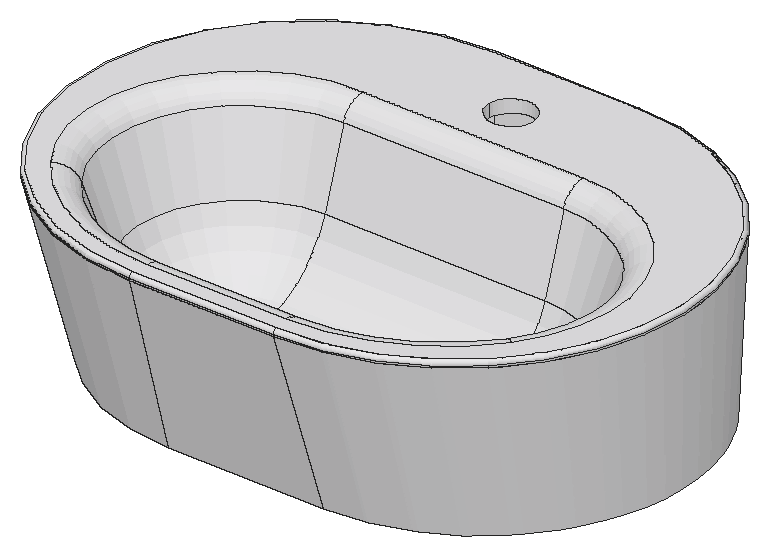
Revit family "Sink-Vessel-Lavatory-KOHLER-Span-K-25318IN_1", category Plumbing Fixtures, host Face, Revit 2021
Family settings
  Host = Face
  Round Connector Dimension = Use Diameter
  Part Type = Normal
  OmniClass Number = 23.31.13.00
  OmniClass Title = Sinks
  Cut with Voids When Loaded = No
  Shared = No
  Room Calculation Point = No
Parameters (values of type "0-White")
  Width = 14 17/128"  # constant formula
  WaterSense Certified = 1 = 0  # no
  Waste Water Outlet = "Waste Water Outlet"  # constant formula
  Waste Connection = 1 = 1  # yes
  Vent Connection = 1 = 0  # no
  URL = "https://www.kohler.co.in/"
  Type = 1
  Product Page URL = "https://www.kohler.co.in/product-detail/25318in?skuid=K-25318IN-0"
  Product Name = "Span"  # constant formula
  Product Documentation Link = ""
  Pressure = 0.00 psi
  Model = "K-25318IN-0"  # constant formula
  Material = "Vitreous China"  # constant formula
  Master Format 2014 Name = "Residential Lavatories and Sinks"  # constant formula
  Master Format 2014 = "22 41 16"  # constant formula
  Manufacturer Address = "Ambience Office Tower NH-8 Gurgaon / Gurugram Haryana , 122001"  # constant formula
  Manufacturer = "Kohler Co."  # constant formula
  Length = 18 71/128"  # constant formula
  Hot Water Inlet = "Hot Water Inlet"  # constant formula
  Height = 6 47/128"  # constant formula
  HW Connection = 1 = 0  # no
  Flow Rate = 0 GPM
  Finish = Kohler-Vitreous_China-0-White
  Environmental Product Declaration = ""
  Drain Included = 1 = 0  # no
  Description = "Round Vessel"  # constant formula
  Default Elevation = 36"
  Declare Label = ""
  Date Modified = "05/12/2023"  # constant formula
  Date Created = "05/12/2023"  # constant formula
  Copyright = "Copyright Kohler Co."  # constant formula
  Contact Us = "https://www.kohler.co.in/contact-us"
  Cold Water Inlet = "Cold Water Inlet"  # constant formula
  CW Connection = 1 = 0  # no
  Assembly Code = "D2010400"
  ADA Compliant = 1 = 0  # no
Reference planes (in)
  plane 1 "Center (Front/Back)": y = 0
  plane 2: z = 0
  plane 3 "Center (Left/Right)": x = 0
  plane 4: y = 8.44882
  plane 5: x = 9.27756
  plane 6: y = -5.68399
  plane 7: x = -9.27713
  plane 8: y = 6.24409
  plane 9: z = -0.6979
  plane 10: z = 5.66929
  plane 11: y = 1.38241
Forms (in)
  Extrusion 1, void
    sketch origin (0, 0, 0) x (1, 0, 0) y (0, 1, 0)
      loop
        circle (0, 0) r 1.74799
    from -0.69953 to 0.05245
Dimensions and locks (in)
  "Length": plane 7 to plane 5
  "Width": plane 4 to plane 6
  plane 4 to plane 8 = 2.20472"
  "Height": plane 10 to plane 9
  plane 10 to level = 5.66929"
  plane 3 "Center (Left/Right)" to plane 5 = 9.27756"
  plane 4 to plane 1 "Center (Front/Back)" = 8.44882"
  equal spacing: plane 4, plane 11, plane 6
  aligned and locked: plane 2 to host face
  aligned and locked: level to host face
Automatic sketch dimensions
  host sketch curve to host sketch curve = 96"  (x2)
  plane 1 "Center (Front/Back)" to Extrusion 1 sketch curve = 0"
  Extrusion 1 sketch curve to plane 3 "Center (Left/Right)" = 0"
  radius of Extrusion 1 sketch curve = 1.74799"
Nested families (in)
  nested 1: "K-25318IN" at (0, 0, 0), type "K-25318IN"
Connectors (in)
  piping at (0, 0, -0.69953), diameter 1.5, driven by "Waste Connection", driven by "Waste Water Outlet"
    settings: on nested 1, index 1, connector inside diameter 24", connector length 0", flow factor 0, pipe flow 0 GPM, pressure drop 0.00 psi, fitting loss kfactor 0, connector angle 0.00°, fixture units 0, engagement length 0", angle of deflection 0.00°, flow configuration 0, flow direction 2, fitting loss method 0, system type 16, joint type 0, gender type 0, connector reference index -1, connector utility 1, adjustable connector no, is connector primary yes, connector description "Waste Water Outlet"
Definition of nested family "K-25318IN"
  Parameters
    Material = none
    Default Elevation = 0"
  Reference planes (in)
    plane 1 "Center (Front/Back)": y = 0
    plane 2: z = 0
    plane 3 "Center (Left/Right)": x = 0
    plane 4: x = -9.27756
    plane 5: x = 9.27756
    plane 6: y = 8.44882
    plane 7: y = -5.68504
    plane 8: y = 6.24409
    plane 9: z = 5.66929
    plane 10: z = -0.69953
  Forms (in)
    Sweep 1, solid, material <- "Material", detail levels medium+fine
      path origin (0, 0, 0) x (1, 0, 0) y (0, 1, 0)
        loop
          arc (-2.23679, 8.45219) -> (-9.30917, 1.37981) -> (-2.23679, -5.69257) r 7.07238
          line (-2.23679, -5.69257) -> (2.20371, -5.69257)
          arc (2.20371, -5.69257) -> (9.27609, 1.37981) -> (2.20371, 8.45219) r 7.07238
          line (2.20371, 8.45219) -> (-2.23679, 8.45219)
      profile origin (-0.01654, -5.69257, 0) x (0, 1, 0) y (0, 0, 1)
        loop
          line (0.01459, 5.52527) -> (0.02871, 5.47255) -> (0.2812, 5.47255) -> (0.2812, 5.6694) -> (0.12518, 5.6694)
          arc (0.12518, 5.6694) -> (0.03435, 5.62461) -> (0.01459, 5.52527) r 0.1145
    Blend 2, solid, material <- "Material", detail levels medium+fine
      base sketch origin (0, 0, 0) x (1, 0, 0) y (0, 1, 0)
        loop
          arc (2.3358, -3.89473) -> (8.4949, 2.26437) -> (2.3358, 8.42347) r 6.1591
          line (2.3358, 8.42347) -> (-2.4512, 8.42347)
          arc (-2.4512, 8.42347) -> (-8.6103, 2.26437) -> (-2.4512, -3.89473) r 6.1591
          line (-2.4512, -3.89473) -> (2.3358, -3.89473)
      top sketch origin (0, 0, 0) x (1, 0, 0) y (0, 1, 0)
        loop
          arc (2.20371, -5.66386) -> (9.24738, 1.37981) -> (2.20371, 8.42347) r 7.04367
          line (2.20371, 8.42347) -> (-2.23679, 8.42347)
          arc (-2.23679, 8.42347) -> (-9.28046, 1.37981) -> (-2.23679, -5.66386) r 7.04367
          line (-2.23679, -5.66386) -> (2.20371, -5.66386)
      from 0 to 5.47255
    Blend 3, void
      base sketch origin (0, 0, 0) x (1, 0, 0) y (0, 1, 0)
        loop
          arc (1.8669, -2.56221) -> (7.19311, 2.764) -> (1.8669, 8.09021) r 5.32621
          line (1.8669, 8.09021) -> (-1.9888, 8.09021)
          arc (-1.9888, 8.09021) -> (-7.31501, 2.764) -> (-1.9888, -2.56221) r 5.32621
          line (-1.9888, -2.56221) -> (1.8669, -2.56221)
      top sketch origin (0, 0, 0) x (1, 0, 0) y (0, 1, 0)
        loop
          line (-2.21529, -5.60417) -> (2.17933, -5.60417)
          arc (2.17933, -5.60417) -> (9.15023, 1.36672) -> (2.17933, 8.33761) r 6.97089
          line (2.17933, 8.33761) -> (-2.21529, 8.33761)
          arc (-2.21529, 8.33761) -> (-9.18619, 1.36672) -> (-2.21529, -5.60417) r 6.97089
      from -0.16667 to 5.47255
    Sweep 4, solid, material <- "Material", detail levels medium+fine
      path origin (0, 0, 0) x (1, 0, 0) y (0, 1, 0)
        loop
          arc (-3.45, 4.91739) -> (-7.67232, 2.31243) -> (-7.23841, -2.62979) r 4.72441
          arc (-7.23841, -2.62979) -> (-5.01313, -4.49586) -> (-2.1872, -5.16531) r 6.29921
          line (-2.1872, -5.16531) -> (2.08094, -5.16531)
          arc (2.08094, -5.16531) -> (4.90687, -4.49586) -> (7.13215, -2.62979) r 6.29921
          arc (7.13215, -2.62979) -> (7.56606, 2.31243) -> (3.34374, 4.91739) r 4.72441
          line (3.34374, 4.91739) -> (-3.45, 4.91739)
      profile origin (-0.05313, 4.91739, 0) x (0, 1, 0) y (0, 0, 1)
        loop
          line (0, 5.6694) -> (-0.0858, 5.6694)
          arc (-0.0858, 5.6694) -> (-0.54691, 5.52026) -> (-0.83335, 5.12933) r 0.7874
          line (-0.83335, 5.12933) -> (-1.56367, 2.92194)
          arc (-1.56367, 2.92194) -> (-2.6378, 1.45595) -> (-4.36698, 0.89667) r 2.95276
          line (-4.36698, 0.89667) -> (-4.71671, 0.89667) -> (-4.71671, 0.50297) -> (-2.51817, 0.50297)
          arc (-2.51817, 0.50297) -> (-2.05706, 0.65211) -> (-1.77062, 1.04304) r 0.7874
          line (-1.77062, 1.04304) -> (-0.46851, 4.97866)
          arc (-0.46851, 4.97866) -> (-0.31097, 5.19368) -> (-0.05736, 5.2757) r 0.43307
          line (-0.05736, 5.2757) -> (0, 5.2757) -> (0, 5.6694)
    Extrusion 5, solid, material <- "Material", detail levels medium+fine
      sketch origin (0, 0, 0) x (1, 0, 0) y (0, 1, 0)
        loop
          line (-2.23679, -5.41137) -> (2.20371, -5.41137)
          arc (2.20371, -5.41137) -> (8.99489, 1.37981) -> (2.20371, 8.17099) r 6.79118
          line (2.20371, 8.17099) -> (-2.23679, 8.17099)
          arc (-2.23679, 8.17099) -> (-9.02797, 1.37981) -> (-2.23679, -5.41137) r 6.79118
        loop
          line (3.34374, 4.91739) -> (-3.45, 4.91739)
          arc (-3.45, 4.91739) -> (-7.67232, 2.31243) -> (-7.23841, -2.62979) r 4.72441
          arc (-7.23841, -2.62979) -> (-5.01313, -4.49586) -> (-2.1872, -5.16531) r 6.29921
          line (-2.1872, -5.16531) -> (2.08094, -5.16531)
          arc (2.08094, -5.16531) -> (4.90687, -4.49586) -> (7.13215, -2.62979) r 6.29921
          arc (7.13215, -2.62979) -> (7.56606, 2.31243) -> (3.34374, 4.91739) r 4.72441
      from 5.2757 to 5.6694
    Extrusion 6, solid, material <- "Material", detail levels medium+fine
      sketch origin (0, 0, 0) x (1, 0, 0) y (0, 1, 0)
        loop
          arc (-3.45, 2.30451) -> (-5.33713, 1.14025) -> (-5.1432, -1.06863) r 2.11154
          arc (-5.1432, -1.06863) -> (-3.84095, -2.16067) -> (-2.1872, -2.55244) r 3.68634
          line (-2.1872, -2.55244) -> (2.08094, -2.55244)
          arc (2.08094, -2.55244) -> (3.7347, -2.16067) -> (5.03694, -1.06863) r 3.68634
          arc (5.03694, -1.06863) -> (5.23088, 1.14025) -> (3.34374, 2.30451) r 2.11154
          line (3.34374, 2.30451) -> (-3.45, 2.30451)
      from 0.50297 to 0.89667
    Revolve 7, void
      sketch origin (0, -0.09843, 0) x (0, 1, 0) y (0, 0, 1)
        loop
          line (0.09843, 1.45981) -> (-1.099, 1.45981) -> (-1.099, -0.7723) -> (0.09843, -0.7723) -> (0.09843, 1.45981)
        axis (0.09843, 1.45981) -> (0.09843, -0.7723)
      angle from 0 to 360
    Revolve 8, solid, material <- "Material", detail levels medium+fine
      sketch origin (0, 0, 0) x (0, 1, 0) y (0, 0, 1)
        loop
          line (0, -0.69953) -> (0, -0.62782) -> (-0.82833, -0.62782) -> (-0.82833, 0.01839)
          arc (-0.82833, 0.01839) -> (-0.85685, 0.10121) -> (-0.93031, 0.14891) r 0.13452
          line (-0.93031, 0.14891) -> (-1.30877, 0.24327)
          arc (-1.30877, 0.24327) -> (-1.32727, 0.25983) -> (-1.34615, 0.27595) r 1.03517
          line (-1.34615, 0.27595) -> (-1.35367, 0.34664)
          arc (-1.35367, 0.34664) -> (-1.37887, 0.4098) -> (-1.43326, 0.45061) r 0.12579
          arc (-1.43326, 0.45061) -> (-1.51532, 0.47998) -> (-1.59881, 0.505) r 1.6565
          line (-1.59881, 0.505) -> (-1.74799, 0.505) -> (-1.46614, 0.43473)
          arc (-1.46614, 0.43473) -> (-1.40806, 0.39916) -> (-1.38085, 0.33673) r 0.11335
          line (-1.38085, 0.33673) -> (-1.36609, 0.19797)
          arc (-1.36609, 0.19797) -> (-1.33823, 0.14577) -> (-1.28193, 0.1276) r 0.07892
          arc (-1.28193, 0.1276) -> (-1.31193, 0.09565) -> (-1.286, 0.06031) r 0.03428
          line (-1.286, 0.06031) -> (-0.93384, -0.0275)
          arc (-0.93384, -0.0275) -> (-0.91234, -0.04146) -> (-0.904, -0.0657) r 0.03937
          line (-0.904, -0.0657) -> (-0.904, -0.65548)
          arc (-0.904, -0.65548) -> (-0.89109, -0.68663) -> (-0.85995, -0.69953) r 0.04405
          line (-0.85995, -0.69953) -> (0, -0.69953)
        axis (0, -0.69953) -> (0, 0.505)
      angle from 0 to 360
    Sweep 9, solid, material <- "Material", detail levels medium+fine
      path origin (0, 0, 0) x (1, 0, 0) y (0, 1, 0)
        loop
          circle (0, 0) r 1.19743
      profile origin (0, -1.19743, 0) x (0, -1, 0) y (0, 0, 1)
        loop
          line (0, 0.92376) -> (-0.03914, 0.92376)
          arc (-0.03914, 0.92376) -> (-0.15066, 0.87757) -> (-0.19685, 0.76605) r 0.15771
          line (-0.19685, 0.76605) -> (-0.19685, 0.61793) -> (0, 0.61793) -> (0, 0.92376)
    Revolve 10, solid, detail levels medium+fine
      sketch origin (0, 0, 0) x (0, 1, 0) y (0, 0, 1)
        loop
          line (0.74615, 0.7486) -> (1.01624, 0.85228)
          arc (1.01624, 0.85228) -> (1.03323, 0.89043) -> (0.99508, 0.90742) r 0.02953
          line (0.99508, 0.90742) -> (0.86764, 0.8585)
          arc (0.86764, 0.8585) -> (0.851, 0.85475) -> (0.83398, 0.85591) r 0.05906
          arc (0.83398, 0.85591) -> (0.41923, 0.91743) -> (0, 0.92376) r 3.17539
          line (0, 0.92376) -> (0, -0.46988) -> (0.47562, -0.46988)
          arc (0.47562, -0.46988) -> (0.53143, -0.44676) -> (0.55454, -0.39095) r 0.07893
          line (0.55454, -0.39095) -> (0.55454, -0.02361)
          arc (0.55454, -0.02361) -> (0.58017, 0.10227) -> (0.65296, 0.20812) r 0.32201
          arc (0.65296, 0.20812) -> (0.72189, 0.30833) -> (0.74615, 0.42751) r 0.30487
          line (0.74615, 0.42751) -> (0.74615, 0.7486)
        axis (0, -0.46988) -> (0, 0.92376)
      angle from 0 to 360
    Extrusion 11, void
      sketch origin (0, 0, 0) x (1, 0, 0) y (0, 1, 0)
        loop
          circle (0, 0) r 0.12368
        loop
          line (-0.4904, 0.14258) -> (-0.23618, 0.08854)
          arc (-0.23618, 0.08854) -> (-0.18835, 0.11004) -> (-0.1944, 0.16213) r 0.04438
          line (-0.1944, 0.16213) -> (-0.37113, 0.3527)
          arc (-0.37113, 0.3527) -> (-0.57426, 0.32909) -> (-0.4904, 0.14258) r 0.12673
        loop
          line (-0.28402, 0.42444) -> (-0.12401, 0.21964)
          arc (-0.12401, 0.21964) -> (-0.07355, 0.20537) -> (-0.04471, 0.24916) r 0.04438
          line (-0.04471, 0.24916) -> (-0.05758, 0.50874)
          arc (-0.05758, 0.50874) -> (-0.22837, 0.62123) -> (-0.28402, 0.42444) r 0.12673
        loop
          line (0.05525, 0.50771) -> (0.04618, 0.24796)
          arc (0.04618, 0.24796) -> (0.07566, 0.2046) -> (0.12591, 0.2196) r 0.04438
          line (0.12591, 0.2196) -> (0.2829, 0.42673)
          arc (0.2829, 0.42673) -> (0.22437, 0.62268) -> (0.05525, 0.50771) r 0.12673
        loop
          line (0.36867, 0.35341) -> (0.19477, 0.16027)
          arc (0.19477, 0.16027) -> (0.18948, 0.10809) -> (0.23761, 0.08729) r 0.04438
          line (0.23761, 0.08729) -> (0.49101, 0.14505)
          arc (0.49101, 0.14505) -> (0.57213, 0.33278) -> (0.36867, 0.35341) r 0.12673
        loop
          line (0.50959, 0.03375) -> (0.25222, -0.00242)
          arc (0.25222, -0.00242) -> (0.21463, -0.03899) -> (0.23813, -0.08586) r 0.04438
          line (0.23813, -0.08586) -> (0.46938, -0.2045)
          arc (0.46938, -0.2045) -> (0.65218, -0.11284) -> (0.50959, 0.03375) r 0.12673
        loop
          line (0.41206, -0.3017) -> (0.19165, -0.16398)
          arc (0.19165, -0.16398) -> (0.13935, -0.16783) -> (0.12723, -0.21884) r 0.04438
          line (0.12723, -0.21884) -> (0.22811, -0.45837)
          arc (0.22811, -0.45837) -> (0.42707, -0.50565) -> (0.41206, -0.3017) r 0.12673
        loop
          line (0.12173, -0.49598) -> (0.04141, -0.2488)
          arc (0.04141, -0.2488) -> (-0.00113, -0.21814) -> (-0.04321, -0.24942) r 0.04438
          line (-0.04321, -0.24942) -> (-0.11989, -0.49776)
          arc (-0.11989, -0.49776) -> (0.00213, -0.66187) -> (0.12173, -0.49598) r 0.12673
        loop
          line (-0.22557, -0.45819) -> (-0.12821, -0.21721)
          arc (-0.12821, -0.21721) -> (-0.14108, -0.16638) -> (-0.19343, -0.1633) r 0.04438
          line (-0.19343, -0.1633) -> (-0.41179, -0.30424)
          arc (-0.41179, -0.30424) -> (-0.42381, -0.50839) -> (-0.22557, -0.45819) r 0.12673
        loop
          line (-0.46731, -0.206) -> (-0.23783, -0.08399)
          arc (-0.23783, -0.08399) -> (-0.21502, -0.03677) -> (-0.25314, -0.00076) r 0.04438
          line (-0.25314, -0.00076) -> (-0.51101, 0.03163)
          arc (-0.51101, 0.03163) -> (-0.65145, -0.11703) -> (-0.46731, -0.206) r 0.12673
      from 0.68052 to 1.1442
    Extrusion 12, void
      sketch origin (0, 0, 0) x (1, 0, 0) y (0, 1, 0)
        loop
          circle (0, 6.24409) r 0.69473
      from 4.90807 to 6.18414
    Extrusion 13, solid, material <- "Material", detail levels medium+fine
      sketch origin (0, 0, 0) x (1, 0, 0) y (0, 1, 0)
        loop
          circle (0, 0) r 0.07874
      from -0.69953 to -0.67017
    Blend 14, solid, material <- "Material", detail levels coarse
      base sketch origin (0, 0, 0) x (1, 0, 0) y (0, 1, 0)
        loop
          line (2.3358, 8.42347) -> (-2.4512, 8.42347)
          arc (-2.4512, 8.42347) -> (-8.6103, 2.26437) -> (-2.4512, -3.89473) r 6.1591
          line (-2.4512, -3.89473) -> (2.3358, -3.89473)
          arc (2.3358, -3.89473) -> (8.4949, 2.26437) -> (2.3358, 8.42347) r 6.1591
      top sketch origin (0, 0, 0) x (1, 0, 0) y (0, 1, 0)
        loop
          line (2.20371, 8.42347) -> (-2.23679, 8.42347)
          arc (-2.23679, 8.42347) -> (-9.28046, 1.37981) -> (-2.23679, -5.66386) r 7.04367
          line (-2.23679, -5.66386) -> (2.20371, -5.66386)
          arc (2.20371, -5.66386) -> (9.24738, 1.37981) -> (2.20371, 8.42347) r 7.04367
      from 0 to 5.66929
    Sweep 15, void
      path origin (0, 0, 0) x (1, 0, 0) y (0, 1, 0)
        loop
          line (-2.21063, -4.89764) -> (2.21063, -4.89764)
          arc (2.21063, -4.89764) -> (5.17306, -4.15531) -> (7.43539, -2.10375) r 6.28228
          arc (7.43539, -2.10375) -> (7.64279, 2.14101) -> (3.9974, 4.32553) r 4.13386
          line (3.9974, 4.32553) -> (-3.9975, 4.32553)
          arc (-3.9975, 4.32553) -> (-7.64294, 2.14092) -> (-7.43538, -2.10391) r 4.13386
          arc (-7.43538, -2.10391) -> (-5.17302, -4.15536) -> (-2.21063, -4.89764) r 6.28247
      profile origin (-0.00005, 4.32553, 0) x (0, -1, 0) y (0, 0, 1)
        loop
          line (0.7874, 5.66929) -> (0.7874, 4.1437)
          arc (0.7874, 4.1437) -> (1.07977, 2.27272) -> (1.929, 0.58013) r 6.13275
          line (1.929, 0.58013) -> (3.95729, 0.58013) -> (3.95729, 6.06299) -> (0, 6.06299) -> (0, 5.66929) -> (0.7874, 5.66929)
    Extrusion 16, void
      sketch origin (0, 0, 0) x (1, 0, 0) y (0, 1, 0)
        loop
          line (3.9974, 0.36824) -> (-3.9975, 0.36824)
          arc (-3.9975, 0.36824) -> (-4.1532, 0.27493) -> (-4.14434, 0.09363) r 0.17657
          arc (-4.14434, 0.09363) -> (-3.30703, -0.66562) -> (-2.21063, -0.94035) r 2.32517
          line (-2.21063, -0.94035) -> (2.21063, -0.94035)
          arc (2.21063, -0.94035) -> (3.30699, -0.66562) -> (4.14424, 0.09363) r 2.32499
          arc (4.14424, 0.09363) -> (4.1531, 0.27494) -> (3.9974, 0.36824) r 0.17657
      from 0.42535 to 6.05033
    Revolve 17, solid, material <- "Material", detail levels coarse
      sketch origin (0, 0, 0) x (0, 1, 0) y (0, 0, 1)
        loop
          line (0, -0.69953) -> (0, 0) -> (-0.904, 0) -> (-0.904, -0.69953) -> (0, -0.69953)
        axis (0, -0.69953) -> (0, 0)
      angle from 0 to 360
    Extrusion 18, solid, material <- "Material", detail levels coarse
      sketch origin (0, 0, 0) x (1, 0, 0) y (0, 1, 0)
        loop
          arc (-3.9975, 0.36824) -> (-4.1532, 0.27493) -> (-4.14434, 0.09363) r 0.17657
          arc (-4.14434, 0.09363) -> (-3.30703, -0.66562) -> (-2.21063, -0.94035) r 2.32517
          line (-2.21063, -0.94035) -> (2.21063, -0.94035)
          arc (2.21063, -0.94035) -> (3.30699, -0.66562) -> (4.14424, 0.09363) r 2.32499
          arc (4.14424, 0.09363) -> (4.1531, 0.27494) -> (3.9974, 0.36824) r 0.17657
          line (3.9974, 0.36824) -> (-3.9975, 0.36824)
      from 0.42535 to 0.58013
    Extrusion 19, solid, material <- "Material", detail levels medium+fine
      sketch origin (0, 0, 0) x (0, 1, 0) y (-1, 0, 0)
        loop
          line (-0.01725, -0.95345) -> (0.05784, -0.95345) -> (0.08226, -0.9011) -> (0.08226, -0.84875) -> (-0.04167, -0.84875) -> (-0.04167, -0.9011) -> (-0.01725, -0.95345)
      from -0.57539 to 0
    Extrusion 20, solid, material <- "Material", detail levels medium+fine
      sketch origin (0, 0, 0) x (0, 1, 0) y (-1, 0, 0)
        loop
          line (-0.01725, 0.95345) -> (-0.04167, 0.9011) -> (-0.04167, 0.84875) -> (0.08226, 0.84875) -> (0.08226, 0.9011) -> (0.05784, 0.95345) -> (-0.01725, 0.95345)
      from -0.57539 to 0
    Extrusion 21, solid, material <- "Material", detail levels medium+fine
      sketch origin (0, 0, 0) x (1, 0, 0) y (0, 1, 0)
        loop
          line (-0.01725, 0.95345) -> (-0.04167, 0.9011) -> (-0.04167, 0.84875) -> (0.08226, 0.84875) -> (0.08226, 0.9011) -> (0.05784, 0.95345) -> (-0.01725, 0.95345)
      from -0.57539 to 0
    Extrusion 22, solid, material <- "Material", detail levels medium+fine
      sketch origin (0, 0, 0) x (1, 0, 0) y (0, 1, 0)
        loop
          line (-0.01725, -0.95345) -> (0.05784, -0.95345) -> (0.08226, -0.9011) -> (0.08226, -0.84875) -> (-0.04167, -0.84875) -> (-0.04167, -0.9011) -> (-0.01725, -0.95345)
      from -0.57539 to 0
  Cuts and joins
    Blend 3, Revolve 7 cuts Blend 2
    joined: Blend 2, Revolve 8
    Revolve 7, Extrusion 12 cuts Sweep 1
    Revolve 7, Extrusion 12 cuts Sweep 4
    Revolve 7, Extrusion 12 cuts Extrusion 5
    Revolve 7, Extrusion 12 cuts Extrusion 6
    Extrusion 12 cuts Sweep 9
    joined: Sweep 1, Sweep 4, Extrusion 5, Extrusion 6, Sweep 9
    Extrusion 11 cuts Revolve 10
    Extrusion 12, Sweep 15, Extrusion 16 cuts Blend 14
    joined: Blend 14, Revolve 17, Extrusion 18
  Lines and regions (in)
    Masking region 1
      outline origin (0, 0, 0) x (1, 0, 0) y (0, 1, 0)
        loop
          line (2.21063, 8.44882) -> (-2.21063, 8.44882)
          arc (-2.21063, 8.44882) -> (-9.27756, 1.38189) -> (-2.21063, -5.68504) r 7.06693
          line (-2.21063, -5.68504) -> (2.21063, -5.68504)
          arc (2.21063, -5.68504) -> (9.27756, 1.38189) -> (2.21063, 8.44882) r 7.06693
        loop
          circle (0, 6.24409) r 0.69473
    Masking region 2
      outline origin (0, 0, 0) x (1, 0, 0) y (0, 0, 1)
        loop
          arc (-9.27572, 5.51541) -> (-8.92541, 2.75424) -> (-8.52428, 0) r 151.05113
          line (-8.52428, 0) -> (-0.94406, 0)
          arc (-0.94406, 0) -> (-0.93407, -0.0121) -> (-0.93049, -0.02738) r 0.0344
          line (-0.93049, -0.02738) -> (-0.93049, -0.36876)
          arc (-0.93049, -0.36876) -> (-0.92439, -0.41094) -> (-0.90658, -0.44967) r 0.14889
          line (-0.90658, -0.44967) -> (-0.90658, -0.66016)
          arc (-0.90658, -0.66016) -> (-0.89505, -0.688) -> (-0.86721, -0.69953) r 0.03937
          line (-0.86721, -0.69953) -> (0.86721, -0.69953)
          arc (0.86721, -0.69953) -> (0.89505, -0.688) -> (0.90658, -0.66016) r 0.03937
          line (0.90658, -0.66016) -> (0.90658, -0.44967)
          arc (0.90658, -0.44967) -> (0.92439, -0.41094) -> (0.93049, -0.36876) r 0.14889
          line (0.93049, -0.36876) -> (0.93049, -0.02738)
          arc (0.93049, -0.02738) -> (0.93407, -0.0121) -> (0.94406, 0) r 0.0344
          line (0.94406, 0) -> (8.52428, 0)
          arc (8.52428, 0) -> (8.92541, 2.75424) -> (9.27572, 5.51541) r 151.05113
          arc (9.27572, 5.51541) -> (9.24184, 5.62307) -> (9.13887, 5.66929) r 0.1378
          line (9.13887, 5.66929) -> (-9.13887, 5.66929)
          arc (-9.13887, 5.66929) -> (-9.24184, 5.62307) -> (-9.27572, 5.51541) r 0.1378
    Masking region 3
      outline origin (0, 0, 0) x (0, 1, 0) y (0, 0, 1)
        loop
          line (8.35039, 5.66929) -> (-5.54945, 5.66929)
          arc (-5.54945, 5.66929) -> (-5.65711, 5.61615) -> (-5.68039, 5.49837) r 0.13562
          arc (-5.68039, 5.49837) -> (-4.86013, 2.72746) -> (-3.90528, 0) r 59.04716
          line (-3.90528, 0) -> (-1.07997, 0)
          arc (-1.07997, 0) -> (-1.06997, -0.0121) -> (-1.06639, -0.02738) r 0.0344
          line (-1.06639, -0.02738) -> (-1.06639, -0.36876)
          arc (-1.06639, -0.36876) -> (-1.06029, -0.41094) -> (-1.04249, -0.44967) r 0.14889
          line (-1.04249, -0.44967) -> (-0.94643, -0.56415)
          arc (-0.94643, -0.56415) -> (-0.92883, -0.57777) -> (-0.90716, -0.58287) r 0.05243
          line (-0.90716, -0.58287) -> (-0.90716, -0.66016)
          arc (-0.90716, -0.66016) -> (-0.89563, -0.688) -> (-0.86779, -0.69953) r 0.03937
          line (-0.86779, -0.69953) -> (0.86664, -0.69953)
          arc (0.86664, -0.69953) -> (0.89448, -0.688) -> (0.90601, -0.66016) r 0.03937
          line (0.90601, -0.66016) -> (0.90601, -0.58502)
          arc (0.90601, -0.58502) -> (0.92768, -0.5784) -> (0.94529, -0.56415) r 0.05933
          line (0.94529, -0.56415) -> (1.04135, -0.44967)
          arc (1.04135, -0.44967) -> (1.05915, -0.41094) -> (1.06525, -0.36876) r 0.14889
          line (1.06525, -0.36876) -> (1.06525, -0.02738)
          arc (1.06525, -0.02738) -> (1.06883, -0.0121) -> (1.07883, 0) r 0.0344
          line (1.07883, 0) -> (8.44882, 0) -> (8.44882, 5.57087)
          arc (8.44882, 5.57087) -> (8.41999, 5.64046) -> (8.35039, 5.66929) r 0.09843
    symbolic lines, detail levels medium+fine
      curve 1: arc (-2.21063, 8.25197, 0) -> (-9.08071, 1.38189, 0) -> (-2.21063, -5.48819, 0) r 6.87008
      curve 2: line (2.21063, 8.25197, 0) -> (-2.21063, 8.25197, 0)
      curve 3: arc (2.21063, -5.48819, 0) -> (9.08071, 1.38189, 0) -> (2.21063, 8.25197, 0) r 6.87008
      curve 4: line (-2.21063, -5.48819, 0) -> (2.21063, -5.48819, 0)
      curve 5: line (-4.05569, 4.91609, 0) -> (4.01517, 4.91609, 0)
      curve 6: arc (-8.50624, -1.36825, 0) -> (-7.90603, 2.92478, 0) -> (-4.05569, 4.91609, 0) r 4.7181
      curve 7: arc (4.01517, 4.91609, 0) -> (7.91827, 2.86393, 0) -> (8.44018, -1.51478, 0) r 4.73783
      curve 14: circle (0, 0, 0) r 1.37795 normal (0, 0, 1)
      curve 15: circle (0, 0, 0) r 1.05965 normal (0, 0, 1)
      curve 16: circle (0, 0, 0) r 1.02205 normal (0, 0, 1)
      curve 17: circle (0, 0, 0) r 0.83268 normal (0, 0, 1)
      curve 18: circle (0, 0, 0) r 0.7874 normal (0, 0, 1)
      curve 20: circle (0, 0, 0) r 0.12368 normal (0, 0, 1)
      curve 21: line (-0.4904, 0.14258, 0) -> (-0.23618, 0.08854, 0)
      curve 22: line (-0.37113, 0.3527, 0) -> (-0.1944, 0.16213, 0)
      curve 23: arc (-0.23618, 0.08854, 0) -> (-0.18835, 0.11004, 0) -> (-0.1944, 0.16213, 0) r 0.04438
      curve 24: arc (-0.37113, 0.3527, 0) -> (-0.57426, 0.32909, 0) -> (-0.4904, 0.14258, 0) r 0.12673
      curve 25: line (-0.28402, 0.42444, 0) -> (-0.12401, 0.21964, 0)
      curve 26: line (-0.05758, 0.50874, 0) -> (-0.04471, 0.24916, 0)
      curve 27: arc (-0.12401, 0.21964, 0) -> (-0.07355, 0.20537, 0) -> (-0.04471, 0.24916, 0) r 0.04438
      curve 28: arc (-0.05758, 0.50874, 0) -> (-0.22837, 0.62123, 0) -> (-0.28402, 0.42444, 0) r 0.12673
      curve 29: line (0.05525, 0.50771, 0) -> (0.04618, 0.24796, 0)
      curve 30: line (0.2829, 0.42673, 0) -> (0.12591, 0.2196, 0)
      curve 31: arc (0.04618, 0.24796, 0) -> (0.07566, 0.2046, 0) -> (0.12591, 0.2196, 0) r 0.04438
      curve 32: arc (0.2829, 0.42673, 0) -> (0.22437, 0.62268, 0) -> (0.05525, 0.50771, 0) r 0.12673
      curve 33: line (0.36867, 0.35341, 0) -> (0.19477, 0.16027, 0)
      curve 34: line (0.49101, 0.14505, 0) -> (0.23761, 0.08729, 0)
      curve 35: arc (0.19477, 0.16027, 0) -> (0.18948, 0.10809, 0) -> (0.23761, 0.08729, 0) r 0.04438
      curve 36: arc (0.49101, 0.14505, 0) -> (0.57213, 0.33278, 0) -> (0.36867, 0.35341, 0) r 0.12673
      curve 37: line (0.50959, 0.03375, 0) -> (0.25222, -0.00242, 0)
      curve 38: line (0.46938, -0.2045, 0) -> (0.23813, -0.08586, 0)
      curve 39: arc (0.25222, -0.00242, 0) -> (0.21463, -0.03899, 0) -> (0.23813, -0.08586, 0) r 0.04438
      curve 40: arc (0.46938, -0.2045, 0) -> (0.65218, -0.11284, 0) -> (0.50959, 0.03375, 0) r 0.12673
      curve 41: line (0.41206, -0.3017, 0) -> (0.19165, -0.16398, 0)
      curve 42: line (0.22811, -0.45837, 0) -> (0.12723, -0.21884, 0)
      curve 43: arc (0.19165, -0.16398, 0) -> (0.13935, -0.16783, 0) -> (0.12723, -0.21884, 0) r 0.04438
      curve 44: arc (0.22811, -0.45837, 0) -> (0.42707, -0.50565, 0) -> (0.41206, -0.3017, 0) r 0.12673
      curve 45: line (0.12173, -0.49598, 0) -> (0.04141, -0.2488, 0)
      curve 46: line (-0.11989, -0.49776, 0) -> (-0.04321, -0.24942, 0)
      curve 47: arc (0.04141, -0.2488, 0) -> (-0.00113, -0.21814, 0) -> (-0.04321, -0.24942, 0) r 0.04438
      curve 48: arc (-0.11989, -0.49776, 0) -> (0.00213, -0.66187, 0) -> (0.12173, -0.49598, 0) r 0.12673
      curve 49: line (-0.22557, -0.45819, 0) -> (-0.12821, -0.21721, 0)
      curve 50: line (-0.41179, -0.30424, 0) -> (-0.19343, -0.1633, 0)
      curve 51: arc (-0.12821, -0.21721, 0) -> (-0.14108, -0.16638, 0) -> (-0.19343, -0.1633, 0) r 0.04438
      curve 52: arc (-0.41179, -0.30424, 0) -> (-0.42381, -0.50839, 0) -> (-0.22557, -0.45819, 0) r 0.12673
      curve 53: line (-0.46731, -0.206, 0) -> (-0.23783, -0.08399, 0)
      curve 54: line (-0.51101, 0.03163, 0) -> (-0.25314, -0.00076, 0)
      curve 55: arc (-0.23783, -0.08399, 0) -> (-0.21502, -0.03677, 0) -> (-0.25314, -0.00076, 0) r 0.04438
      curve 56: arc (-0.51101, 0.03163, 0) -> (-0.65145, -0.11703, 0) -> (-0.46731, -0.206, 0) r 0.12673
      curve 57: line (-0.94406, 0, 0) -> (0.94406, 0, 0)
      curve 58: line (-0.90658, 0, -0.44967) -> (-0.81053, 0, -0.56415)
      curve 59: line (-0.78901, 0, 0) -> (-0.78901, 0, -0.4987)
      curve 60: arc (-0.78901, 0, -0.4987) -> (-0.79453, 0, -0.53315) -> (-0.81053, 0, -0.56415) r 0.11028
      curve 61: line (-0.0477, 0, 0) -> (-0.0477, 0, -0.52766)
      curve 62: line (0.05115, 0, 0) -> (0.05115, 0, -0.52766)
      curve 63: line (-0.02155, 0, -0.56886) -> (0.02348, 0, -0.56886)
      curve 64: arc (-0.0477, 0, -0.52766) -> (-0.04061, 0, -0.55206) -> (-0.02155, 0, -0.56886) r 0.04554
      curve 65: arc (0.05115, 0, -0.52766) -> (0.04359, 0, -0.55247) -> (0.02348, 0, -0.56886) r 0.04452
      curve 66: line (0.90658, 0, -0.44967) -> (0.81053, 0, -0.56415)
      curve 67: line (0.78901, 0, 0) -> (0.78901, 0, -0.4987)
      curve 68: arc (0.78901, 0, -0.4987) -> (0.79453, 0, -0.53315) -> (0.81053, 0, -0.56415) r 0.11028
      curve 69: line (0.74154, 0, -0.50133) -> (0.74154, 0, 0)
      curve 70: arc (0.75726, 0, -0.58121) -> (0.74551, 0, -0.54204) -> (0.74154, 0, -0.50133) r 0.21081
      curve 71: arc (0.81053, 0, -0.56415) -> (0.78636, 0, -0.58037) -> (0.75726, 0, -0.58121) r 0.05243
      curve 72: line (-0.73797, 0, 0) -> (-0.73797, 0, -0.51112)
      curve 73: arc (-0.73797, 0, -0.51112) -> (-0.7441, 0, -0.55007) -> (-0.76189, 0, -0.58525) r 0.12687
      curve 74: arc (-0.81053, 0, -0.56415) -> (-0.7887, 0, -0.58043) -> (-0.76189, 0, -0.58525) r 0.05933
      curve 75: line (-0.8693, 0, 0) -> (-0.8693, 0, -0.37995)
      curve 76: line (-0.78901, 0, -0.4987) -> (-0.84211, 0, -0.4456)
      curve 77: arc (-0.8693, 0, -0.37995) -> (-0.86223, 0, -0.41548) -> (-0.84211, 0, -0.4456) r 0.09284
      curve 78: line (0.87059, 0, 0) -> (0.87059, 0, -0.37782)
      curve 79: line (0.78901, 0, -0.4987) -> (0.8428, 0, -0.44491)
      curve 80: arc (0.87059, 0, -0.37782) -> (0.86337, 0, -0.41413) -> (0.8428, 0, -0.44491) r 0.09487
      curve 81: arc (0.77036, 0, -0.58288) -> (0.76741, 0, -0.53807) -> (0.78901, 0, -0.4987) r 0.08021
      curve 82: arc (-0.74753, 0, -0.55942) -> (-0.76544, 0, -0.52712) -> (-0.78901, 0, -0.4987) r 0.19871
      curve 83: line (-0.0477, 0, -0.38406) -> (0.05115, 0, -0.38406)
      curve 84: line (-0.0477, 0, -0.44878) -> (0.05115, 0, -0.44878)
      curve 85: line (-9.27572, 0, 5.51541) -> (9.27572, 0, 5.51541)
      curve 86: line (0.90658, 0, -0.66016) -> (-0.90658, 0, -0.66016)
      curve 87: line (0, 0.87274, 0) -> (0, 0.87274, -0.51112)
      curve 88: line (0, -0.87745, -0.50133) -> (0, -0.87745, 0)
      curve 89: arc (0, -0.94643, -0.56415) -> (0, -0.93043, -0.53315) -> (0, -0.92491, -0.4987) r 0.11028
      curve 90: line (0, -0.92491, -0.4987) -> (0, -0.97871, -0.44491)
      curve 91: arc (0, -0.97871, -0.44491) -> (0, -0.99927, -0.41413) -> (0, -1.0065, -0.37782) r 0.09487
      curve 92: line (0, -1.0065, -0.37782) -> (0, -1.0065, 0)
      curve 93: arc (0, -0.90716, -0.5852) -> (0, -0.90306, -0.53929) -> (0, -0.92491, -0.4987) r 0.08021
      curve 94: line (0, -0.92491, 0) -> (0, -0.92491, -0.4987)
      curve 95: arc (0, 0.94529, -0.56415) -> (0, 0.92929, -0.53315) -> (0, 0.92377, -0.4987) r 0.11028
      curve 96: line (0, 0.92377, -0.4987) -> (0, 0.97687, -0.4456)
      curve 97: arc (0, 0.97687, -0.4456) -> (0, 0.997, -0.41548) -> (0, 1.00406, -0.37995) r 0.09284
      curve 98: line (0, 1.00406, -0.37995) -> (0, 1.00406, 0)
      curve 99: line (0, 0.92377, 0) -> (0, 0.92377, -0.4987)
      curve 100: arc (0, 0.88369, -0.55631) -> (0, 0.90117, -0.52572) -> (0, 0.92377, -0.4987) r 0.19871
      curve 101: line (0, 0.57668, -0.02738) -> (0, 0.57668, -0.36876)
      curve 102: arc (0, 0.59026, 0) -> (0, 0.58026, -0.0121) -> (0, 0.57668, -0.02738) r 0.0344
      curve 103: arc (0, 0.57668, -0.36876) -> (0, 0.57058, -0.41094) -> (0, 0.55278, -0.44967) r 0.14889
      curve 104: line (0, 0.38417, 0) -> (0, 0.38417, -0.51112)
      curve 105: arc (0, 0.38417, -0.51112) -> (0, 0.39029, -0.55007) -> (0, 0.40808, -0.58525) r 0.12687
      curve 106: line (0, 0.55278, -0.44967) -> (0, 0.45672, -0.56415)
      curve 107: arc (0, 0.45672, -0.56415) -> (0, 0.44072, -0.53315) -> (0, 0.4352, -0.4987) r 0.11028
      curve 108: line (0, 0.4352, -0.4987) -> (0, 0.4883, -0.4456)
      curve 109: arc (0, 0.4883, -0.4456) -> (0, 0.50843, -0.41548) -> (0, 0.51549, -0.37995) r 0.09284
      curve 110: line (0, 0.51549, -0.37995) -> (0, 0.51549, 0)
      curve 111: line (0, 0.4352, 0) -> (0, 0.4352, -0.4987)
      curve 112: arc (0, 0.39372, -0.55942) -> (0, 0.41163, -0.52712) -> (0, 0.4352, -0.4987) r 0.19871
      curve 113: arc (0, 0.45672, -0.56415) -> (0, 0.43489, -0.58043) -> (0, 0.40808, -0.58525) r 0.05933
      curve 114: line (0, -0.57668, -0.02738) -> (0, -0.57668, -0.36876)
      curve 115: arc (0, -0.59026, 0) -> (0, -0.58026, -0.0121) -> (0, -0.57668, -0.02738) r 0.0344
      curve 116: arc (0, -0.57668, -0.36876) -> (0, -0.57058, -0.41094) -> (0, -0.55278, -0.44967) r 0.14889
      curve 117: line (0, -0.38417, 0) -> (0, -0.38417, -0.51112)
      curve 118: arc (0, -0.38417, -0.51112) -> (0, -0.39029, -0.55007) -> (0, -0.40808, -0.58525) r 0.12687
      curve 119: line (0, -0.55278, -0.44967) -> (0, -0.45672, -0.56415)
      curve 120: arc (0, -0.45672, -0.56415) -> (0, -0.44072, -0.53315) -> (0, -0.4352, -0.4987) r 0.11028
      curve 121: line (0, -0.4352, -0.4987) -> (0, -0.4883, -0.4456)
      curve 122: arc (0, -0.4883, -0.4456) -> (0, -0.50843, -0.41548) -> (0, -0.51549, -0.37995) r 0.09284
      curve 123: line (0, -0.51549, -0.37995) -> (0, -0.51549, 0)
      curve 124: line (0, -0.4352, 0) -> (0, -0.4352, -0.4987)
      curve 125: arc (0, -0.39372, -0.55942) -> (0, -0.41163, -0.52712) -> (0, -0.4352, -0.4987) r 0.19871
      curve 126: arc (0, -0.45672, -0.56415) -> (0, -0.43489, -0.58043) -> (0, -0.40808, -0.58525) r 0.05933
      curve 127: line (0, 1.07883, 0) -> (0, -1.07997, 0)
      curve 128: arc (0, 0.87274, -0.51112) -> (0, 0.88144, -0.55164) -> (0, 0.90601, -0.58502) r 0.0987
      curve 129: arc (0, -0.90716, -0.5852) -> (0, -0.8851, -0.54582) -> (0, -0.87745, -0.50133) r 0.13324
      curve 130: line (0, 0.90601, -0.66016) -> (0, -0.90716, -0.66016)
      curve 131: line (0, -5.68039, 5.49837) -> (0, 8.44882, 5.49837)
    symbolic lines
      curve 8: line (4.01517, 4.32553, 0) -> (-4.05569, 4.32553, 0)
      curve 9: arc (-4.05569, 4.32553, 0) -> (-7.42409, 2.58347, 0) -> (-7.94918, -1.17221, 0) r 4.12755
      curve 10: arc (7.88862, -1.30375, 0) -> (7.43177, 2.52917, 0) -> (4.01517, 4.32553, 0) r 4.14728
      curve 11: line (-2.21063, -4.89764, 0) -> (2.21063, -4.89764, 0)
      curve 12: arc (-7.94918, -1.17221, 0) -> (-5.7144, -4.01228, 0) -> (-2.21063, -4.89764, 0) r 5.60405
      curve 13: arc (2.21063, -4.89764, 0) -> (5.64619, -4.04321, 0) -> (7.88862, -1.30375, 0) r 5.618
      curve 19: circle (0, 0, 0) r 1.23517 normal (0, 0, 1)
  Dimensions and locks (in)
    aligned and locked: plane 2 to level
